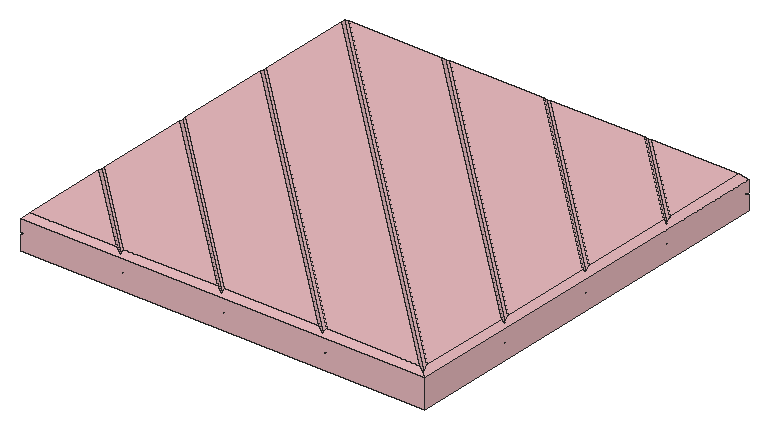
Revit family "CROSSED 2ft x 2ft", category Specialty Equipment, Revit 2023
Family settings
  Round Connector Dimension = Use Diameter
  Part Type = Normal
  OmniClass Number = 23.35.00.00
  OmniClass Title = Covering, Cladding, and Finishes
  Work Plane-Based = Yes
  Enable Cutting in Views = Yes
  Always vertical = No
  Cut with Voids When Loaded = No
  Maintain Annotation Orientation = No
  Shared = No
  Room Calculation Point = No
Parameters (values of type "2 INCH THICK - CUSTOM PAINTED - STANDARD")
  URL = "https://www.acousticalsurfaces.com/envirocoustic-wood-wool/designs/"
  Type Comments = "Acoustic panels for vertical and horizontal surfaces"
  Thickness = 0' - 2"
  Recycled Content Percentage = "0%"
  Model = "Envirocoustic Wood Wool"
  Material = "Envirocoustic Wood Wool"
  Manufacturer = "Acoustical Surfaces, Inc."
  Fire Rating = "ASTM E84 - Class A"
  Finish = Paint - Acoustical-Surfaces - Custom Painted
  Description = "Acoustic Panels"
  Default Elevation = 0' - 0"
  Backer Thickness = 0' - 1"
  Backer = no
  Assembly Code = "C30"
  Acoustics - NRC = "Sound absorption varies from NRC 0.45 to 0.95 based on installation method used when tested per ASTM C423."
Types (27): name | Thickness | Finish | Backer Thickness | Backer
  2 INCH THICK - CUSTOM PAINTED - STANDARD | 0' - 2" | Paint - Acoustical-Surfaces - Custom Painted | 0' - 1" | no
  2 INCH THICK - PRIMED WHITE - STANDARD | 0' - 2" | Paint - Acoustical-Surfaces - Primed White | 0' - 1" | no
  2 INCH THICK - PRIMED CLEAR - STANDARD | 0' - 2" | Paint - Acoustical-Surfaces - Primed Clear | 0' - 1" | no
  2 INCH THICK - PRIMED WHITE - 2 INCH CFAB BACKER | 0' - 2" | Paint - Acoustical-Surfaces - Primed White | 0' - 2" | yes
  2 INCH THICK - PRIMED WHITE - 1 INCH CFAB BACKER | 0' - 2" | Paint - Acoustical-Surfaces - Primed White | 0' - 1" | yes
  2 INCH THICK - PRIMED CLEAR - 2 INCH CFAB BACKER | 0' - 2" | Paint - Acoustical-Surfaces - Primed Clear | 0' - 2" | yes
  2 INCH THICK - PRIMED CLEAR - 1 INCH CFAB BACKER | 0' - 2" | Paint - Acoustical-Surfaces - Primed Clear | 0' - 1" | yes
  2 INCH THICK - CUSTOM PAINTED - 2 INCH CFAB BACKER | 0' - 2" | Paint - Acoustical-Surfaces - Custom Painted | 0' - 2" | yes
  2 INCH THICK - CUSTOM PAINTED - 1 INCH CFAB BACKER | 0' - 2" | Paint - Acoustical-Surfaces - Custom Painted | 0' - 1" | yes
  1-3/8 INCH THICK - CUSTOM PAINTED - STANDARD | 0' - 1 3/8" | Paint - Acoustical-Surfaces - Custom Painted | 0' - 1" | no
  1-3/8 INCH THICK - PRIMED WHITE - STANDARD | 0' - 1 3/8" | Paint - Acoustical-Surfaces - Primed White | 0' - 1" | no
  1-3/8 INCH THICK - PRIMED CLEAR - STANDARD | 0' - 1 3/8" | Paint - Acoustical-Surfaces - Primed Clear | 0' - 1" | no
  1-3/8 INCH THICK - PRIMED WHITE - 2 INCH CFAB BACKER | 0' - 1 3/8" | Paint - Acoustical-Surfaces - Primed White | 0' - 2" | yes
  1-3/8 INCH THICK - PRIMED WHITE - 1 INCH CFAB BACKER | 0' - 1 3/8" | Paint - Acoustical-Surfaces - Primed White | 0' - 1" | yes
  1-3/8 INCH THICK - PRIMED CLEAR - 2 INCH CFAB BACKER | 0' - 1 3/8" | Paint - Acoustical-Surfaces - Primed Clear | 0' - 2" | yes
  1-3/8 INCH THICK - PRIMED CLEAR - 1 INCH CFAB BACKER | 0' - 1 3/8" | Paint - Acoustical-Surfaces - Primed Clear | 0' - 1" | yes
  1-3/8 INCH THICK - CUSTOM PAINTED - 2 INCH CFAB BACKER | 0' - 1 3/8" | Paint - Acoustical-Surfaces - Custom Painted | 0' - 2" | yes
  1-3/8 INCH THICK - CUSTOM PAINTED - 1 INCH CFAB BACKER | 0' - 1 3/8" | Paint - Acoustical-Surfaces - Custom Painted | 0' - 1" | yes
  1 INCH THICK - CUSTOM PAINTED - STANDARD | 0' - 1" | Paint - Acoustical-Surfaces - Custom Painted | 0' - 1" | no
  1 INCH THICK - PRIMED WHITE - STANDARD | 0' - 1" | Paint - Acoustical-Surfaces - Primed White | 0' - 1" | no
  1 INCH THICK - PRIMED CLEAR - STANDARD | 0' - 1" | Paint - Acoustical-Surfaces - Primed Clear | 0' - 1" | no
  1 INCH THICK - PRIMED WHITE - 2 INCH CFAB BACKER | 0' - 1" | Paint - Acoustical-Surfaces - Primed White | 0' - 2" | yes
  1 INCH THICK - PRIMED WHITE - 1 INCH CFAB BACKER | 0' - 1" | Paint - Acoustical-Surfaces - Primed White | 0' - 1" | yes
  1 INCH THICK - PRIMED CLEAR - 2 INCH CFAB BACKER | 0' - 1" | Paint - Acoustical-Surfaces - Primed Clear | 0' - 2" | yes
  1 INCH THICK - PRIMED CLEAR - 1 INCH CFAB BACKER | 0' - 1" | Paint - Acoustical-Surfaces - Primed Clear | 0' - 1" | yes
  1 INCH THICK - CUSTOM PAINTED - 2 INCH CFAB BACKER | 0' - 1" | Paint - Acoustical-Surfaces - Custom Painted | 0' - 2" | yes
  1 INCH THICK - CUSTOM PAINTED - 1 INCH CFAB BACKER | 0' - 1" | Paint - Acoustical-Surfaces - Custom Painted | 0' - 1" | yes
Reference planes (in)
  plane 1 "Center (Front/Back)": y = 0
  plane 2: z = 0
  plane 3 "Center (Left/Right)": x = 0
  plane 4: x = -12
  plane 5: x = 12
  plane 6: y = 12
  plane 7: y = -12
  plane 8: z = 2
  plane 9: z = -1
Forms (in)
  Extrusion 1, solid, material "Paint - Acoustical-Surfaces - Custom Painted" <- "Finish"
    sketch origin (0, 0, 0) x (1, 0, 0) y (0, 1, 0)
      loop
        line (12, 12) -> (-12, 12) -> (-12, -12) -> (12, -12) -> (12, 12)
    from 0 to 2
  Sweep 2, void
    path in 3D
      loop
        line (12, 12, 2) -> (-12, 12, 2) -> (-12, -12, 2) -> (12, -12, 2) -> (12, 12, 2)
    profile "Triangle : Family2" origin (12, 0, 2) x (-1, 0, 0) y (0, 0, 1)
      loop
        line (0, 0) -> (0, -0.315) -> (0.315, 0) -> (0, 0)
  Extrusion 3, solid, visible <- "Backer"
    sketch origin (0, 0, 0) x (1, 0, 0) y (0, 1, 0)
      loop
        line (12, 12) -> (-12, 12) -> (-12, -12) -> (12, -12) -> (12, 12)
    from 0 to -1
  Sweep 4, void
    path origin (0, -36, 1) x (-1, 0, 0) y (0, -1, 0)
      loop
        line (-12, -48) -> (12, -24)
    profile "Groove : Family2" origin (0, 0, 1) x (0.707107, -0.707107, 0) y (0, 0, 1)
      loop
        line (0.1575, 0) -> (-0.1575, 0) -> (0, -0.1575) -> (0.1575, 0)
  Sweep 5, void
    path origin (0, -24, 1) x (-1, 0, 0) y (0, -1, 0)
      loop
        line (-12, -30) -> (6, -12)
    profile "Groove : Family2" origin (3, -3, 1) x (0.707107, -0.707107, 0) y (0, 0, 1)
      loop
        line (0.1575, 0) -> (-0.1575, 0) -> (0, -0.1575) -> (0.1575, 0)
  Sweep 6, void
    path origin (0, -24, 1) x (-1, 0, 0) y (0, -1, 0)
      loop
        line (-12, -24) -> (0, -12)
    profile "Groove : Family2" origin (6, -6, 1) x (0.707107, -0.707107, 0) y (0, 0, 1)
      loop
        line (0.1575, 0) -> (-0.1575, 0) -> (0, -0.1575) -> (0.1575, 0)
  Sweep 7, void
    path origin (0, -24, 1) x (-1, 0, 0) y (0, -1, 0)
      loop
        line (-12, -18) -> (-6, -12)
    profile "Groove : Family2" origin (9, -9, 1) x (0.707107, -0.707107, 0) y (0, 0, 1)
      loop
        line (0.1575, 0) -> (-0.1575, 0) -> (0, -0.1575) -> (0.1575, 0)
  Sweep 8, void
    path origin (-24, 0, 1) x (0, -1, 0) y (1, 0, 0)
      loop
        line (-12, 30) -> (6, 12)
    profile "Groove : Family2" origin (-3, 3, 1) x (0.707107, -0.707107, 0) y (0, 0, 1)
      loop
        line (-0.1575, 0) -> (0, -0.1575) -> (0.1575, 0) -> (-0.1575, 0)
  Sweep 9, void
    path origin (-24, 0, 1) x (0, -1, 0) y (1, 0, 0)
      loop
        line (-12, 24) -> (0, 12)
    profile "Groove : Family2" origin (-6, 6, 1) x (0.707107, -0.707107, 0) y (0, 0, 1)
      loop
        line (-0.1575, 0) -> (0, -0.1575) -> (0.1575, 0) -> (-0.1575, 0)
  Sweep 10, void
    path origin (-24, 0, 1) x (0, -1, 0) y (1, 0, 0)
      loop
        line (-12, 18) -> (-6, 12)
    profile "Groove : Family2" origin (-9, 9, 1) x (0.707107, -0.707107, 0) y (0, 0, 1)
      loop
        line (-0.1575, 0) -> (0, -0.1575) -> (0.1575, 0) -> (-0.1575, 0)
  Sweep 11, void
    path origin (0, 0, 2) x (1, 0, 0) y (0, 1, 0)
      loop
        line (12, 6) -> (6, 12)
    profile "Groove : Family2" origin (9, 9, 2) x (-0.707107, -0.707107, 0) y (0, 0, 1)
      loop
        line (-0.1575, 0) -> (0, -0.1575) -> (0.1575, 0) -> (-0.1575, 0)
  Sweep 12, void
    path origin (0, 0, 2) x (1, 0, 0) y (0, 1, 0)
      loop
        line (12, 0) -> (0, 12)
    profile "Groove : Family2" origin (6, 6, 2) x (-0.707107, -0.707107, 0) y (0, 0, 1)
      loop
        line (-0.1575, 0) -> (0, -0.1575) -> (0.1575, 0) -> (-0.1575, 0)
  Sweep 13, void
    path origin (0, 0, 2) x (1, 0, 0) y (0, 1, 0)
      loop
        line (12, -6) -> (-6, 12)
    profile "Groove : Family2" origin (3, 3, 2) x (-0.707107, -0.707107, 0) y (0, 0, 1)
      loop
        line (-0.1575, 0) -> (0, -0.1575) -> (0.1575, 0) -> (-0.1575, 0)
  Sweep 14, void
    path origin (0, 0, 2) x (1, 0, 0) y (0, 1, 0)
      loop
        line (-12, 12) -> (12, -12)
    profile "Groove : Family2" origin (0, 0, 2) x (0.707107, 0.707107, 0) y (0, 0, 1)
      loop
        line (-0.1575, 0) -> (0, -0.1575) -> (0.1575, 0) -> (-0.1575, 0)
  Sweep 15, void
    path origin (0, 0, 2) x (1, 0, 0) y (0, 1, 0)
      loop
        line (-12, 6) -> (6.00002, -12.00002)
    profile "Groove : Family2" origin (-2.99999, -3.00001, 2) x (0.707107, 0.707107, 0) y (0, 0, 1)
      loop
        line (-0.1575, 0) -> (0, -0.1575) -> (0.1575, 0) -> (-0.1575, 0)
  Sweep 16, void
    path origin (0, 0, 2) x (1, 0, 0) y (0, 1, 0)
      loop
        line (-12, 0) -> (0, -12)
    profile "Groove : Family2" origin (-6, -6, 2) x (0.707107, 0.707107, 0) y (0, 0, 1)
      loop
        line (-0.1575, 0) -> (0, -0.1575) -> (0.1575, 0) -> (-0.1575, 0)
  Sweep 17, void
    path origin (0, 0, 2) x (1, 0, 0) y (0, 1, 0)
      loop
        line (-12, -6) -> (-6.00002, -12)
    profile "Groove : Family2" origin (-9.00001, -9, 2) x (0.707108, 0.707106, 0) y (0, 0, 1)
      loop
        line (-0.1575, 0) -> (0, -0.1575) -> (0.1575, 0) -> (-0.1575, 0)
Cuts and joins
  Sweep 2, Sweep 4, Sweep 5, Sweep 6, Sweep 7, Sweep 8, Sweep 9, Sweep 10, Sweep 11, Sweep 12, Sweep 13, Sweep 14, Sweep 15, Sweep 16, Sweep 17 cuts Extrusion 1
Lines and regions (in)
  sketch lines
    curve 1: line (12, -12, 2) -> (12, 12, 2)
    curve 2: line (-12, -12, 2) -> (12, -12, 2)
    curve 3: line (-12, 12, 2) -> (-12, -12, 2)
    curve 4: line (12, 12, 2) -> (-12, 12, 2)
Dimensions and locks (in)
  equal spacing: plane 4, plane 3 "Center (Left/Right)", plane 5
  equal spacing: plane 7, plane 1 "Center (Front/Back)", plane 6
  plane 7 to plane 6 = 2' - 0"
  locked: plane 4 to plane 5 at 24
  "Thickness": plane 8 to level
  "Backer Thickness": level to plane 9
  aligned and locked: level to plane 2
  aligned and locked: Extrusion 1 sketch curve to plane 4
  aligned and locked: plane 5 to Extrusion 1 sketch curve
  aligned and locked: Extrusion 1 sketch curve to plane 6
  aligned and locked: Extrusion 1 sketch curve to plane 7
  aligned and locked: Extrusion 1 to plane 8
  aligned and locked: Extrusion 3 sketch curve to plane 4
  aligned and locked: plane 5 to Extrusion 3 sketch curve
  aligned and locked: Extrusion 3 sketch curve to plane 6
  aligned and locked: Extrusion 3 sketch curve to plane 7
  aligned and locked: plane 9 to Extrusion 3
Automatic sketch dimensions
  plane 6 to Sweep 4 sketch curve = 0' - 0"
  Sweep 4 sketch curve to plane 7 = 0' - 0"
  plane 5 to Sweep 4 sketch curve = 0' - 0"
  plane 4 to Sweep 4 sketch curve = 0' - 0"
  plane 5 to Sweep 5 sketch curve = 0' - 0"
  plane 6 to Sweep 5 sketch curve = 0' - 6"
  plane 7 to Sweep 5 sketch curve = 0' - 0"
  Sweep 5 sketch curve to plane 3 "Center (Left/Right)" = 0' - 6"
  Sweep 6 sketch curve to plane 1 "Center (Front/Back)" = 0' - 0"
  plane 5 to Sweep 6 sketch curve = 0' - 0"
  plane 3 "Center (Left/Right)" to Sweep 6 sketch curve = 0' - 0"
  plane 7 to Sweep 6 sketch curve = 0' - 0"
  plane 5 to Sweep 7 sketch curve = 0' - 0"
  plane 1 "Center (Front/Back)" to Sweep 7 sketch curve = 0' - 6"
  plane 7 to Sweep 7 sketch curve = 0' - 0"
  Sweep 7 sketch curve to plane 5 = 0' - 6"
  plane 6 to Sweep 8 sketch curve = 0' - 0"
  plane 4 to Sweep 8 sketch curve = 0' - 0"
  plane 1 "Center (Front/Back)" to Sweep 8 sketch curve = 0' - 6"
  Sweep 8 sketch curve to plane 5 = 0' - 6"
  plane 6 to Sweep 9 sketch curve = 0' - 0"
  plane 1 "Center (Front/Back)" to Sweep 9 sketch curve = 0' - 0"
  plane 4 to Sweep 9 sketch curve = 0' - 0"
  plane 3 "Center (Left/Right)" to Sweep 9 sketch curve = 0' - 0"
  plane 6 to Sweep 10 sketch curve = 0' - 0"
  plane 4 to Sweep 10 sketch curve = 0' - 0"
  Sweep 10 sketch curve to plane 1 "Center (Front/Back)" = 0' - 6"
  Sweep 10 sketch curve to plane 3 "Center (Left/Right)" = 0' - 6"
